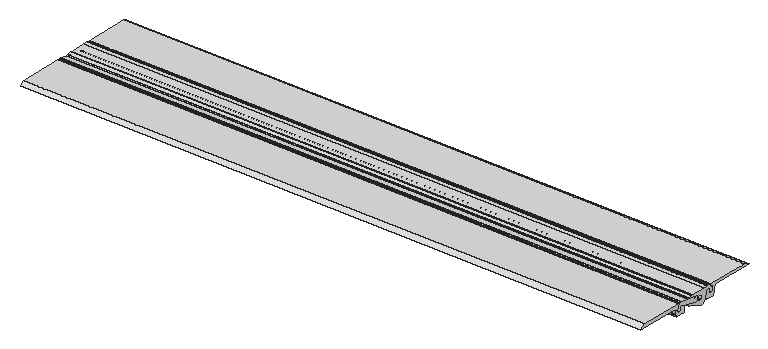
Revit family "Construction-Floors-Conecto-Aluminium Joints ALU AL.78.10", category Specialty Equipment, Revit 2015
Parameters (values of type "Aluminium Joints ALU AL.78.10 N")
  Youtube clip = ""
  Weight Net (Kg) = "0"
  Uniformat II Description = ""
  Uniformat II Code = ""
  Uniclass 2015 Name = "Roofs, floor and paving elements"
  Uniclass 2015 Code = "EF_30"
  Uniclass 2.0 Description = ""
  Uniclass 2.0 Code = ""
  Uniclass 1.4 Description = ""
  Uniclass 1.4 Code = ""
  UNSPSC Code = ""
  Technical description = "http://www.conecto-profiles.com/aluminium-joints/floor-joints/alu"
  Rubber Level = 4.5 mm
  Region South America = "None"
  Region Oceania = "None"
  Region North America = "None"
  Region Middle East = "None"
  Region Europe = "AD, AL, AT, AX, BA, BE, BG, BY, CH, CY, CZ, DE, DK, EE, ES, FI, FO, FR, GB, GG, GI, GR, HR, HU, IE, IM, IS, IT, JE, LI, LT, LU, LV, MC, MD, ME, MK, MT, NL, NO, PL, PT, RO, RS, RU, SE, SI, SJ, SK, SM, UA, VA"
  Region Asia = "None"
  Region Antarctica = "None"
  Region Africa = "None"
  QR code = "http://bimobject.com/conecto/product/78"
  Profile = Aluminium - CONECTO - Grey
  Product url = "http://www.conecto-profiles.com/aluminium-joints/floor-joints/alu"
  Product group = "Aluminum profiles"
  Product family = "Expansion profiles"
  Product data url = "https://bimobject.com/conecto/product/78"
  Product certification = ""
  Product SKU = "78"
  Product Guid = "6eb5d5ce-2108-46b7-89e3-20b879ede5fa"  # constant formula
  OmniClass Description = "Profiles"
  OmniClass Code = "23-13 17 00"
  Nominal width = 78 mm
  Nominal height = 0 mm
  NBS Reference Description = ""
  NBS Reference Code = ""
  N CV = no
  N = yes
  Material secondary = ""
  Material main = "Aluminium"
  Masterformat 2014 Description = ""
  Masterformat 2014 Code = ""
  Manufacturer name = "Conecto"
  Manufacturer country = "Poland"
  Manufacturer = "Conecto"  # constant formula
  Length (mm) [instance] = [built-in parameter 1001306]  # 1000 mm
  built-in parameter 1001306 [instance] = 1000 mm
  Installation instructions = ""
  IFC Classification = "Building Element"
  GTIN code = ""
  Edition number = 1
  Design country = "Poland"
  Date of publishing = "10/18/2019"
  COBIe Type Category = ""
  Brand url = "http://www.profiledylatacyjne.com.pl/"
  BIMobject main category code = "construction"
  BIMobject main category = "Construction"
  BIMobject category code = "construction-floors"
  BIMobject category = "Decks, Slabs & Floors"
  97 CV = no
  97 = no
  .87 CV = no
  .87 = no
  .77 CV = no
  .77 = no
  .62 CV = no
  .62 = no
  .52 CV = no
  .52 = no
  42 CV = no
  42 = no
  .30 CV = no
  .30 = no
  .22 CV = no
  .22 = no
  .15 CV = no
  .15 = no
  #CONST_.20-70 = 70 mm
  Void under Ref level [instance] = 10 mm
Reference planes
  plane 1 "Center (Front/Back)": y = 0
  plane 2: z = 0
  plane 3 "Left": x = 0
  plane 4 "Right": x = 1000
  plane 5: z = -10
  plane 6: z = 4.5
  plane 7: z = 4.501
  plane 8: z = 4.501
Forms (mm)
  Extrusion 1, void
    sketch origin (0, 0, 0) x (0, 1, 0) y (0, 0, 1)
      loop
        line (38.9, 12.014) -> (-38.9, 12.014) -> (-38.9, -10) -> (38.9, -10) -> (38.9, 12.014)
    from 0 to 1000
Lines and regions (mm)
  reference lines
    curve 1: line (0, 0, 0) -> (1000, 0, 0)
Dimensions and locks
  "built-in parameter 1001306": plane 3 "Left" to plane 4 "Right"
  "Void under Ref level": plane 2 to plane 5
  "Rubber Level": plane 2 to plane 6
  aligned and locked: plane 4 "Right" to curve 1
  aligned and locked: plane 1 "Center (Front/Back)" to curve 1
  aligned and locked: plane 3 "Left" to curve 1
  aligned and locked: level to plane 2
  aligned and locked: plane 3 "Left" to nested 2
  aligned and locked: Extrusion 1 sketch curve to plane 5
  aligned and locked: Extrusion 1 to curve 1
Automatic sketch dimensions
  level to Extrusion 1 sketch curve = 12.014 mm
  plane 1 "Center (Front/Back)" to Extrusion 1 sketch curve = 38.9 mm
  Extrusion 1 sketch curve to plane 1 "Center (Front/Back)" = 38.9 mm
Nested families
  nested 1: "Standard" at (0, 0, 74.485), type "Standard"
    with N Base yes, N yes, Length 1000 mm, 97 CV no, .97 Base no
  nested 2: "Rubber" at (0, 6.76, -8.486), type "Rubber"
    with Length 1000 mm
  nested 3: "Standard" at (0, 0, 74.485), type "Standard", not visible
    with N Base yes, N yes, Length 1000 mm, 97 CV no, .97 Base no
  nested 4: "Rubber" at (0, 6.76, -8.486), type "Rubber", not visible
    with Length 1000 mm
Definition of nested family "Standard"
  Parameters (values of type "Standard")
    Space = 45.5 mm
    N CV = no
    N Base = or(N, N CV)  # no
    N = no
    Material = none
    Length = 100 mm
    97 CV = yes
    97 = no
    87 CV = no
    87 = no
    77 CV = no
    77 = no
    62 CV = no
    62 = no
    52 CV = no
    .97 Base = or([97], [97 CV])  # yes
    .87 Base = or([87], [87 CV])  # no
    .77 Base = or([77], [77 CV])  # no
    .62 Base = or([62], [62 CV])  # no
    .52 Base = or([52], [52 CV])  # no
    52 = no
    42 CV = no
    .42 Base = or([42], [42 CV])  # no
    42 = no
    30 CV = no
    .15 Base = or([15], [15 CV])  # no
    .14 Base = or([30], [30 CV])  # no
    30 = no
    22 CV = no
    .22 Base = or([22], [22 CV])  # no
    22 = no
    15 CV = no
    .30 Base = or([30], [30 CV])  # no
    15 = no
  Reference planes
    plane 1 "Center (Front/Back)": y = 0
    plane 2: z = -84.674
    plane 3 "Center (Left/Right)": x = 0
    plane 4: x = 100
    plane 5: y = -22.75
    plane 6: y = 22.75
    plane 7: z = 14.705
  Forms (mm)
    Extrusion 1, solid, material <- "Material", visible <- "97 CV"
      sketch origin (0, 265.991, -904.766) x (0, 1, 0) y (0, 0, 1)
        loop
          line (-225.423, 873.746) -> (-228.54, 873.746) -> (-228.54, 835.127) -> (-229.46, 834.792) -> (-233.327, 834.792) -> (-234.141, 834.496) -> (-234.218, 833.393) -> (-232.445, 831.491) -> (-231.917, 832.217) -> (-231.252, 832.736) -> (-230.32, 832.622) -> (-229.617, 831.722) -> (-229.267, 830.705) -> (-229.608, 829.814) -> (-230.416, 829.438) -> (-231.376, 829.573) -> (-231.376, 828.777) -> (-231.077, 827.908) -> (-231.02, 826.828) -> (-231.071, 825.864) -> (-231.211, 824.98) -> (-231.45, 824.148) -> (-231.909, 823.064) -> (-232.525, 822.529) -> (-235.752, 822.529) -> (-236.523, 823.216) -> (-236.303, 824.037) -> (-235.817, 824.758) -> (-235.465, 825.586) -> (-235.277, 826.401) -> (-235.33, 827.414) -> (-235.668, 828.454) -> (-236.125, 829.245) -> (-236.696, 829.816) -> (-237.35, 830.274) -> (-238.082, 830.57) -> (-238.923, 830.749) -> (-239.767, 830.749) -> (-240.548, 830.554) -> (-241.256, 830.209) -> (-241.921, 829.744) -> (-242.461, 829.144) -> (-242.926, 828.339) -> (-243.163, 827.513) -> (-243.223, 826.646) -> (-243.096, 825.742) -> (-242.758, 824.946) -> (-242.255, 824.227) -> (-237.466, 818.405) -> (-225.423, 818.405) -> (-225.423, 873.746)
      from 0 to 100
    Extrusion 2, solid, material <- "Material", visible <- "87 CV"
      sketch origin (0, 265.988, -904.764) x (0, 1, 0) y (0, 0, 1)
        loop
          line (-225.423, 873.746) -> (-228.54, 873.746) -> (-228.54, 835.127) -> (-229.46, 834.792) -> (-233.327, 834.792) -> (-234.141, 834.496) -> (-234.218, 833.393) -> (-232.445, 831.491) -> (-231.917, 832.217) -> (-231.252, 832.736) -> (-230.32, 832.622) -> (-229.617, 831.722) -> (-229.267, 830.705) -> (-229.608, 829.814) -> (-230.416, 829.438) -> (-231.376, 829.573) -> (-231.376, 828.777) -> (-231.077, 827.908) -> (-231.02, 826.828) -> (-231.071, 825.864) -> (-231.211, 824.98) -> (-231.45, 824.148) -> (-231.909, 823.064) -> (-232.525, 822.529) -> (-235.752, 822.529) -> (-236.523, 823.216) -> (-236.303, 824.037) -> (-235.817, 824.758) -> (-235.465, 825.586) -> (-235.277, 826.401) -> (-235.33, 827.414) -> (-235.668, 828.454) -> (-236.125, 829.245) -> (-236.696, 829.816) -> (-237.35, 830.274) -> (-238.082, 830.57) -> (-238.923, 830.749) -> (-239.767, 830.749) -> (-240.548, 830.554) -> (-241.256, 830.209) -> (-241.921, 829.744) -> (-242.461, 829.144) -> (-242.926, 828.339) -> (-243.163, 827.513) -> (-243.223, 826.646) -> (-243.096, 825.742) -> (-242.758, 824.946) -> (-242.255, 824.227) -> (-237.466, 818.405) -> (-225.423, 818.405) -> (-225.423, 873.746)
      from 0 to 100
    Extrusion 3, solid, material <- "Material", visible <- "77 CV"
      sketch origin (0, 265.99, -904.764) x (0, 1, 0) y (0, 0, 1)
        loop
          line (-225.423, 873.746) -> (-228.54, 873.746) -> (-228.54, 835.127) -> (-229.46, 834.792) -> (-233.327, 834.792) -> (-234.141, 834.496) -> (-234.218, 833.393) -> (-232.445, 831.491) -> (-231.917, 832.217) -> (-231.252, 832.736) -> (-230.32, 832.622) -> (-229.617, 831.722) -> (-229.267, 830.705) -> (-229.608, 829.814) -> (-230.416, 829.438) -> (-231.376, 829.573) -> (-231.376, 828.777) -> (-231.077, 827.908) -> (-231.02, 826.828) -> (-231.071, 825.864) -> (-231.211, 824.98) -> (-231.45, 824.148) -> (-231.909, 823.064) -> (-232.525, 822.529) -> (-235.752, 822.529) -> (-236.523, 823.216) -> (-236.303, 824.037) -> (-235.817, 824.758) -> (-235.465, 825.586) -> (-235.277, 826.401) -> (-235.33, 827.414) -> (-235.668, 828.454) -> (-236.125, 829.245) -> (-236.696, 829.816) -> (-237.35, 830.274) -> (-238.082, 830.57) -> (-238.923, 830.749) -> (-239.767, 830.749) -> (-240.548, 830.554) -> (-241.256, 830.209) -> (-241.921, 829.744) -> (-242.461, 829.144) -> (-242.926, 828.339) -> (-243.163, 827.513) -> (-243.223, 826.646) -> (-243.096, 825.742) -> (-242.758, 824.946) -> (-242.255, 824.227) -> (-237.466, 818.405) -> (-225.423, 818.405) -> (-225.423, 873.746)
      from 0 to 100
    Extrusion 4, solid, material <- "Material", visible <- "62 CV"
      sketch origin (0, 265.99, -989.381) x (0, 1, 0) y (0, 0, 1)
        loop
          line (-225.423, 958.42) -> (-228.54, 958.42) -> (-228.54, 919.801) -> (-229.46, 919.466) -> (-233.327, 919.466) -> (-234.141, 919.17) -> (-234.218, 918.067) -> (-232.445, 916.165) -> (-231.917, 916.891) -> (-231.252, 917.41) -> (-230.32, 917.296) -> (-229.617, 916.395) -> (-229.267, 915.379) -> (-229.608, 914.488) -> (-230.416, 914.112) -> (-231.376, 914.247) -> (-231.376, 913.451) -> (-231.077, 912.582) -> (-231.02, 911.502) -> (-231.071, 910.538) -> (-231.211, 909.654) -> (-231.45, 908.822) -> (-231.909, 907.738) -> (-232.525, 907.203) -> (-235.752, 907.203) -> (-236.523, 907.89) -> (-236.303, 908.711) -> (-235.817, 909.431) -> (-235.465, 910.26) -> (-235.277, 911.075) -> (-235.33, 912.088) -> (-235.668, 913.128) -> (-236.125, 913.919) -> (-236.696, 914.49) -> (-237.35, 914.948) -> (-238.082, 915.244) -> (-238.923, 915.423) -> (-239.767, 915.423) -> (-240.548, 915.228) -> (-241.256, 914.883) -> (-241.921, 914.417) -> (-242.461, 913.818) -> (-242.926, 913.012) -> (-243.163, 912.187) -> (-243.223, 911.32) -> (-243.096, 910.416) -> (-242.758, 909.619) -> (-242.255, 908.901) -> (-237.466, 903.079) -> (-225.423, 903.079) -> (-225.423, 958.42)
      from 0 to 100
    Extrusion 5, solid, material <- "Material", visible <- "52 CV"
      sketch origin (0, 265.991, -904.766) x (0, 1, 0) y (0, 0, 1)
        loop
          line (-225.423, 873.746) -> (-228.54, 873.746) -> (-228.54, 835.127) -> (-229.46, 834.792) -> (-233.327, 834.792) -> (-234.141, 834.496) -> (-234.218, 833.393) -> (-232.445, 831.491) -> (-231.917, 832.217) -> (-231.252, 832.736) -> (-230.32, 832.622) -> (-229.617, 831.722) -> (-229.267, 830.705) -> (-229.608, 829.814) -> (-230.416, 829.438) -> (-231.376, 829.573) -> (-231.376, 828.777) -> (-231.077, 827.908) -> (-231.02, 826.828) -> (-231.071, 825.864) -> (-231.211, 824.98) -> (-231.45, 824.148) -> (-231.909, 823.064) -> (-232.525, 822.529) -> (-235.752, 822.529) -> (-236.523, 823.216) -> (-236.303, 824.037) -> (-235.817, 824.758) -> (-235.465, 825.586) -> (-235.277, 826.401) -> (-235.33, 827.414) -> (-235.668, 828.454) -> (-236.125, 829.245) -> (-236.696, 829.816) -> (-237.35, 830.274) -> (-238.082, 830.57) -> (-238.923, 830.749) -> (-239.767, 830.749) -> (-240.548, 830.554) -> (-241.256, 830.209) -> (-241.921, 829.744) -> (-242.461, 829.144) -> (-242.926, 828.339) -> (-243.163, 827.513) -> (-243.223, 826.646) -> (-243.096, 825.742) -> (-242.758, 824.946) -> (-242.255, 824.227) -> (-237.466, 818.405) -> (-225.423, 818.405) -> (-225.423, 873.746)
      from 0 to 100
    Extrusion 6, solid, material <- "Material", visible <- "42 CV"
      sketch origin (0, 265.988, -904.764) x (0, 1, 0) y (0, 0, 1)
        loop
          line (-225.423, 873.746) -> (-228.54, 873.746) -> (-228.54, 835.127) -> (-229.46, 834.792) -> (-233.327, 834.792) -> (-234.141, 834.496) -> (-234.218, 833.393) -> (-232.445, 831.491) -> (-231.917, 832.217) -> (-231.252, 832.736) -> (-230.32, 832.622) -> (-229.617, 831.722) -> (-229.267, 830.705) -> (-229.608, 829.814) -> (-230.416, 829.438) -> (-231.376, 829.573) -> (-231.376, 828.777) -> (-231.077, 827.908) -> (-231.02, 826.828) -> (-231.071, 825.864) -> (-231.211, 824.98) -> (-231.45, 824.148) -> (-231.909, 823.064) -> (-232.525, 822.529) -> (-235.752, 822.529) -> (-236.523, 823.216) -> (-236.303, 824.037) -> (-235.817, 824.758) -> (-235.465, 825.586) -> (-235.277, 826.401) -> (-235.33, 827.414) -> (-235.668, 828.454) -> (-236.125, 829.245) -> (-236.696, 829.816) -> (-237.35, 830.274) -> (-238.082, 830.57) -> (-238.923, 830.749) -> (-239.767, 830.749) -> (-240.548, 830.554) -> (-241.256, 830.209) -> (-241.921, 829.744) -> (-242.461, 829.144) -> (-242.926, 828.339) -> (-243.163, 827.513) -> (-243.223, 826.646) -> (-243.096, 825.742) -> (-242.758, 824.946) -> (-242.255, 824.227) -> (-237.466, 818.405) -> (-225.423, 818.405) -> (-225.423, 873.746)
      from 0 to 100
    Extrusion 7, solid, material <- "Material", visible <- "30 CV"
      sketch origin (0, 265.99, -904.764) x (0, 1, 0) y (0, 0, 1)
        loop
          line (-225.423, 873.746) -> (-228.54, 873.746) -> (-228.54, 835.127) -> (-229.46, 834.792) -> (-233.327, 834.792) -> (-234.141, 834.496) -> (-234.218, 833.393) -> (-232.445, 831.491) -> (-231.917, 832.217) -> (-231.252, 832.736) -> (-230.32, 832.622) -> (-229.617, 831.722) -> (-229.267, 830.705) -> (-229.608, 829.814) -> (-230.416, 829.438) -> (-231.376, 829.573) -> (-231.376, 828.777) -> (-231.077, 827.908) -> (-231.02, 826.828) -> (-231.071, 825.864) -> (-231.211, 824.98) -> (-231.45, 824.148) -> (-231.909, 823.064) -> (-232.525, 822.529) -> (-235.752, 822.529) -> (-236.523, 823.216) -> (-236.303, 824.037) -> (-235.817, 824.758) -> (-235.465, 825.586) -> (-235.277, 826.401) -> (-235.33, 827.414) -> (-235.668, 828.454) -> (-236.125, 829.245) -> (-236.696, 829.816) -> (-237.35, 830.274) -> (-238.082, 830.57) -> (-238.923, 830.749) -> (-239.767, 830.749) -> (-240.548, 830.554) -> (-241.256, 830.209) -> (-241.921, 829.744) -> (-242.461, 829.144) -> (-242.926, 828.339) -> (-243.163, 827.513) -> (-243.223, 826.646) -> (-243.096, 825.742) -> (-242.758, 824.946) -> (-242.255, 824.227) -> (-237.466, 818.405) -> (-225.423, 818.405) -> (-225.423, 873.746)
      from 0 to 100
    Extrusion 8, solid, material <- "Material", visible <- "22 CV"
      sketch origin (0, 265.99, -989.381) x (0, 1, 0) y (0, 0, 1)
        loop
          line (-225.423, 958.42) -> (-228.54, 958.42) -> (-228.54, 919.801) -> (-229.46, 919.466) -> (-233.327, 919.466) -> (-234.141, 919.17) -> (-234.218, 918.067) -> (-232.445, 916.165) -> (-231.917, 916.891) -> (-231.252, 917.41) -> (-230.32, 917.296) -> (-229.617, 916.395) -> (-229.267, 915.379) -> (-229.608, 914.488) -> (-230.416, 914.112) -> (-231.376, 914.247) -> (-231.376, 913.451) -> (-231.077, 912.582) -> (-231.02, 911.502) -> (-231.071, 910.538) -> (-231.211, 909.654) -> (-231.45, 908.822) -> (-231.909, 907.738) -> (-232.525, 907.203) -> (-235.752, 907.203) -> (-236.523, 907.89) -> (-236.303, 908.711) -> (-235.817, 909.431) -> (-235.465, 910.26) -> (-235.277, 911.075) -> (-235.33, 912.088) -> (-235.668, 913.128) -> (-236.125, 913.919) -> (-236.696, 914.49) -> (-237.35, 914.948) -> (-238.082, 915.244) -> (-238.923, 915.423) -> (-239.767, 915.423) -> (-240.548, 915.228) -> (-241.256, 914.883) -> (-241.921, 914.417) -> (-242.461, 913.818) -> (-242.926, 913.012) -> (-243.163, 912.187) -> (-243.223, 911.32) -> (-243.096, 910.416) -> (-242.758, 909.619) -> (-242.255, 908.901) -> (-237.466, 903.079) -> (-225.423, 903.079) -> (-225.423, 958.42)
      from 0 to 100
    Extrusion 9, solid, material <- "Material", visible <- "15 CV"
      sketch origin (0, 265.976, -904.758) x (0, 1, 0) y (0, 0, 1)
        loop
          line (-225.423, 873.746) -> (-228.54, 873.746) -> (-228.54, 835.127) -> (-229.46, 834.792) -> (-233.327, 834.792) -> (-234.141, 834.496) -> (-234.218, 833.393) -> (-232.445, 831.491) -> (-231.917, 832.217) -> (-231.252, 832.736) -> (-230.32, 832.622) -> (-229.617, 831.722) -> (-229.267, 830.705) -> (-229.608, 829.814) -> (-230.416, 829.438) -> (-231.376, 829.573) -> (-231.376, 828.777) -> (-231.077, 827.908) -> (-231.02, 826.828) -> (-231.071, 825.864) -> (-231.211, 824.98) -> (-231.45, 824.148) -> (-231.909, 823.064) -> (-232.525, 822.529) -> (-235.752, 822.529) -> (-236.523, 823.216) -> (-236.303, 824.037) -> (-235.817, 824.758) -> (-235.465, 825.586) -> (-235.277, 826.401) -> (-235.33, 827.414) -> (-235.668, 828.454) -> (-236.125, 829.245) -> (-236.696, 829.816) -> (-237.35, 830.274) -> (-238.082, 830.57) -> (-238.923, 830.749) -> (-239.767, 830.749) -> (-240.548, 830.554) -> (-241.256, 830.209) -> (-241.921, 829.744) -> (-242.461, 829.144) -> (-242.926, 828.339) -> (-243.163, 827.513) -> (-243.223, 826.646) -> (-243.096, 825.742) -> (-242.758, 824.946) -> (-242.255, 824.227) -> (-237.466, 818.405) -> (-225.423, 818.405) -> (-225.423, 873.746)
      from 0 to 100
    Extrusion 10, solid, material <- "Material", visible <- "N CV"
      sketch origin (0, 265.973, -904.756) x (0, 1, 0) y (0, 0, 1)
        loop
          line (-225.423, 873.746) -> (-228.54, 873.746) -> (-228.54, 835.127) -> (-229.46, 834.792) -> (-233.327, 834.792) -> (-234.141, 834.496) -> (-234.218, 833.393) -> (-232.445, 831.491) -> (-231.917, 832.217) -> (-231.252, 832.736) -> (-230.32, 832.622) -> (-229.617, 831.722) -> (-229.267, 830.705) -> (-229.608, 829.814) -> (-230.416, 829.438) -> (-231.376, 829.573) -> (-231.376, 828.777) -> (-231.077, 827.908) -> (-231.02, 826.828) -> (-231.071, 825.864) -> (-231.211, 824.98) -> (-231.45, 824.148) -> (-231.909, 823.064) -> (-232.525, 822.529) -> (-235.752, 822.529) -> (-236.523, 823.216) -> (-236.303, 824.037) -> (-235.817, 824.758) -> (-235.465, 825.586) -> (-235.277, 826.401) -> (-235.33, 827.414) -> (-235.668, 828.454) -> (-236.125, 829.245) -> (-236.696, 829.816) -> (-237.35, 830.274) -> (-238.082, 830.57) -> (-238.923, 830.749) -> (-239.767, 830.749) -> (-240.548, 830.554) -> (-241.256, 830.209) -> (-241.921, 829.744) -> (-242.461, 829.144) -> (-242.926, 828.339) -> (-243.163, 827.513) -> (-243.223, 826.646) -> (-243.096, 825.742) -> (-242.758, 824.946) -> (-242.255, 824.227) -> (-237.466, 818.405) -> (-225.423, 818.405) -> (-225.423, 873.746)
      from 0 to 100
    Extrusion 11, solid, material <- "Material", visible <- ".97 Base"
      sketch origin (0, 265.433, 968.395) x (0, 1, 0) y (0, 0, 1)
        loop
          line (-304.599, -1038.38) -> (-304.599, -1047.322) -> (-303.655, -1051.761) -> (-304.566, -1052.847) -> (-304.566, -1055.109) -> (-298.073, -1055.109) -> (-297.246, -1054.612) -> (-296.459, -1054.386) -> (-295.57, -1054.386) -> (-294.693, -1054.688) -> (-294.064, -1055.162) -> (-293.541, -1055.764) -> (-293.194, -1056.543) -> (-293.109, -1057.347) -> (-293.18, -1058.158) -> (-293.665, -1059.151) -> (-294.386, -1059.824) -> (-295.1, -1060.204) -> (-295.875, -1060.354) -> (-296.663, -1060.285) -> (-297.438, -1060.033) -> (-298.045, -1059.542) -> (-298.953, -1059.606) -> (-304.608, -1059.606) -> (-304.608, -1062.159) -> (-302.308, -1062.564) -> (-294.608, -1063.974) -> (-294.335, -1064.768) -> (-294.335, -1128.086) -> (-294.753, -1129.646) -> (-295.523, -1130.564) -> (-297.227, -1131.151) -> (-299.381, -1130.848) -> (-361.657, -1130.848) -> (-363.735, -1132.048) -> (-364.42, -1132.732) -> (-364.286, -1134.643) -> (-363.461, -1135.222) -> (-362.036, -1135.396) -> (-290.208, -1135.396) -> (-290.208, -1061.81) -> (-289.073, -1058.514) -> (-289.073, -1055.983) -> (-290.208, -1052.687) -> (-290.208, -1047.26) -> (-289.552, -1046.389) -> (-288.292, -1046.389) -> (-288.292, -1045.229) -> (-289.073, -1043.929) -> (-289.919, -1043.219) -> (-290.729, -1042.714) -> (-291.561, -1042.506) -> (-292.492, -1042.408) -> (-293.403, -1042.552) -> (-294.325, -1042.925) -> (-295.101, -1043.624) -> (-295.758, -1044.353) -> (-296.136, -1045.164) -> (-296.291, -1045.963) -> (-296.291, -1047.063) -> (-296.033, -1047.858) -> (-295.545, -1048.776) -> (-295.06, -1049.688) -> (-295.358, -1050.426) -> (-296.1, -1050.741) -> (-298.745, -1050.741) -> (-299.464, -1050.358) -> (-299.955, -1049.435) -> (-300.304, -1048.361) -> (-300.549, -1046.361) -> (-300.453, -1045.256) -> (-300.144, -1043.667) -> (-300.975, -1043.667) -> (-301.761, -1043.486) -> (-302.259, -1042.847) -> (-302.232, -1042.061) -> (-301.395, -1040.668) -> (-300.621, -1040.431) -> (-299.843, -1040.699) -> (-299.146, -1041.772) -> (-298.551, -1041.037) -> (-297.666, -1040.152) -> (-297.206, -1039.387) -> (-297.811, -1038.38) -> (-304.599, -1038.38)
      from 0 to 100
    Extrusion 12, solid, material <- "Material", visible <- ".87 Base"
      sketch origin (0, 265.433, 968.395) x (0, 1, 0) y (0, 0, 1)
        loop
          line (-304.599, -1038.38) -> (-304.599, -1047.322) -> (-303.655, -1051.761) -> (-304.566, -1052.847) -> (-304.566, -1055.109) -> (-298.073, -1055.109) -> (-297.246, -1054.612) -> (-296.459, -1054.386) -> (-295.57, -1054.386) -> (-294.693, -1054.688) -> (-294.064, -1055.162) -> (-293.541, -1055.764) -> (-293.194, -1056.543) -> (-293.109, -1057.347) -> (-293.18, -1058.158) -> (-293.665, -1059.151) -> (-294.386, -1059.824) -> (-295.1, -1060.204) -> (-295.875, -1060.354) -> (-296.663, -1060.285) -> (-297.438, -1060.033) -> (-298.045, -1059.542) -> (-298.953, -1059.606) -> (-304.608, -1059.606) -> (-304.608, -1062.159) -> (-302.308, -1062.564) -> (-294.608, -1063.974) -> (-294.335, -1064.768) -> (-294.335, -1117.856) -> (-294.773, -1119.493) -> (-296.888, -1120.714) -> (-361.665, -1120.714) -> (-363.735, -1121.909) -> (-364.42, -1122.594) -> (-364.286, -1124.505) -> (-363.461, -1125.083) -> (-362.036, -1125.258) -> (-290.208, -1125.258) -> (-290.208, -1061.81) -> (-289.073, -1058.514) -> (-289.073, -1055.983) -> (-290.208, -1052.687) -> (-290.208, -1047.26) -> (-289.552, -1046.389) -> (-288.292, -1046.389) -> (-288.292, -1045.229) -> (-289.073, -1043.929) -> (-289.919, -1043.219) -> (-290.729, -1042.714) -> (-291.561, -1042.506) -> (-292.492, -1042.408) -> (-293.403, -1042.552) -> (-294.325, -1042.925) -> (-295.101, -1043.624) -> (-295.758, -1044.353) -> (-296.136, -1045.164) -> (-296.291, -1045.963) -> (-296.291, -1047.063) -> (-296.033, -1047.858) -> (-295.545, -1048.776) -> (-295.06, -1049.688) -> (-295.358, -1050.426) -> (-296.1, -1050.741) -> (-298.745, -1050.741) -> (-299.464, -1050.358) -> (-299.955, -1049.435) -> (-300.304, -1048.361) -> (-300.549, -1046.361) -> (-300.453, -1045.256) -> (-300.144, -1043.667) -> (-300.975, -1043.667) -> (-301.761, -1043.486) -> (-302.259, -1042.847) -> (-302.232, -1042.061) -> (-301.395, -1040.668) -> (-300.621, -1040.431) -> (-299.843, -1040.699) -> (-299.146, -1041.772) -> (-298.551, -1041.037) -> (-297.666, -1040.152) -> (-297.206, -1039.387) -> (-297.811, -1038.38) -> (-304.599, -1038.38)
      from 0 to 100
    Extrusion 13, solid, material <- "Material", visible <- ".77 Base"
      sketch origin (0, 265.433, 968.395) x (0, 1, 0) y (0, 0, 1)
        loop
          line (-304.599, -1038.38) -> (-304.599, -1047.322) -> (-303.655, -1051.761) -> (-304.566, -1052.847) -> (-304.566, -1055.109) -> (-298.073, -1055.109) -> (-297.246, -1054.612) -> (-296.459, -1054.386) -> (-295.57, -1054.386) -> (-294.693, -1054.688) -> (-294.064, -1055.162) -> (-293.541, -1055.764) -> (-293.194, -1056.543) -> (-293.109, -1057.347) -> (-293.18, -1058.158) -> (-293.665, -1059.151) -> (-294.386, -1059.824) -> (-295.1, -1060.204) -> (-295.875, -1060.354) -> (-296.663, -1060.285) -> (-297.438, -1060.033) -> (-298.045, -1059.542) -> (-298.953, -1059.606) -> (-304.608, -1059.606) -> (-304.608, -1062.159) -> (-302.308, -1062.564) -> (-294.608, -1063.974) -> (-294.335, -1064.768) -> (-294.335, -1109.136) -> (-295.266, -1110.285) -> (-296.591, -1110.99) -> (-299.398, -1110.793) -> (-361.632, -1110.793) -> (-363.835, -1112.065) -> (-364.519, -1112.75) -> (-364.386, -1114.661) -> (-363.56, -1115.239) -> (-362.135, -1115.414) -> (-290.208, -1115.414) -> (-290.208, -1061.81) -> (-289.073, -1058.514) -> (-289.073, -1055.983) -> (-290.208, -1052.687) -> (-290.208, -1047.26) -> (-289.552, -1046.389) -> (-288.292, -1046.389) -> (-288.292, -1045.229) -> (-289.073, -1043.929) -> (-289.919, -1043.219) -> (-290.729, -1042.714) -> (-291.561, -1042.506) -> (-292.492, -1042.408) -> (-293.403, -1042.552) -> (-294.325, -1042.925) -> (-295.101, -1043.624) -> (-295.758, -1044.353) -> (-296.136, -1045.164) -> (-296.291, -1045.963) -> (-296.291, -1047.063) -> (-296.033, -1047.858) -> (-295.545, -1048.776) -> (-295.06, -1049.688) -> (-295.358, -1050.426) -> (-296.1, -1050.741) -> (-298.745, -1050.741) -> (-299.464, -1050.358) -> (-299.955, -1049.435) -> (-300.304, -1048.361) -> (-300.549, -1046.361) -> (-300.453, -1045.256) -> (-300.144, -1043.667) -> (-300.975, -1043.667) -> (-301.761, -1043.486) -> (-302.259, -1042.847) -> (-302.232, -1042.061) -> (-301.395, -1040.668) -> (-300.621, -1040.431) -> (-299.843, -1040.699) -> (-299.146, -1041.772) -> (-298.551, -1041.037) -> (-297.666, -1040.152) -> (-297.206, -1039.387) -> (-297.811, -1038.38) -> (-304.599, -1038.38)
      from 0 to 100
    Extrusion 14, solid, material <- "Material", visible <- ".62 Base"
      sketch origin (0, 265.434, 968.395) x (0, 1, 0) y (0, 0, 1)
        loop
          line (-304.599, -1038.38) -> (-304.599, -1047.322) -> (-303.655, -1051.761) -> (-304.566, -1052.847) -> (-304.566, -1055.109) -> (-298.073, -1055.109) -> (-297.246, -1054.612) -> (-296.459, -1054.386) -> (-295.57, -1054.386) -> (-294.693, -1054.688) -> (-294.064, -1055.162) -> (-293.541, -1055.764) -> (-293.194, -1056.543) -> (-293.109, -1057.347) -> (-293.18, -1058.158) -> (-293.665, -1059.151) -> (-294.386, -1059.824) -> (-295.1, -1060.204) -> (-295.875, -1060.354) -> (-296.663, -1060.285) -> (-297.438, -1060.033) -> (-298.045, -1059.542) -> (-298.953, -1059.606) -> (-304.608, -1059.606) -> (-304.608, -1062.159) -> (-302.308, -1062.564) -> (-294.608, -1063.974) -> (-294.335, -1064.768) -> (-294.335, -1093.653) -> (-294.731, -1094.742) -> (-295.466, -1095.619) -> (-296.818, -1096.11) -> (-297.606, -1096.179) -> (-299.295, -1095.912) -> (-361.697, -1095.912) -> (-363.76, -1097.103) -> (-364.444, -1097.787) -> (-364.311, -1099.698) -> (-363.485, -1100.277) -> (-362.06, -1100.452) -> (-290.208, -1100.452) -> (-290.208, -1061.81) -> (-289.073, -1058.514) -> (-289.073, -1055.983) -> (-290.208, -1052.687) -> (-290.208, -1047.26) -> (-289.552, -1046.389) -> (-288.292, -1046.389) -> (-288.292, -1045.229) -> (-289.073, -1043.929) -> (-289.919, -1043.219) -> (-290.729, -1042.714) -> (-291.561, -1042.506) -> (-292.492, -1042.408) -> (-293.403, -1042.552) -> (-294.325, -1042.925) -> (-295.101, -1043.624) -> (-295.758, -1044.353) -> (-296.136, -1045.164) -> (-296.291, -1045.963) -> (-296.291, -1047.063) -> (-296.033, -1047.858) -> (-295.545, -1048.776) -> (-295.06, -1049.688) -> (-295.358, -1050.426) -> (-296.1, -1050.741) -> (-298.745, -1050.741) -> (-299.464, -1050.358) -> (-299.955, -1049.435) -> (-300.304, -1048.361) -> (-300.549, -1046.361) -> (-300.453, -1045.256) -> (-300.144, -1043.667) -> (-300.975, -1043.667) -> (-301.761, -1043.486) -> (-302.259, -1042.847) -> (-302.232, -1042.061) -> (-301.395, -1040.668) -> (-300.621, -1040.431) -> (-299.843, -1040.699) -> (-299.146, -1041.772) -> (-298.551, -1041.037) -> (-297.666, -1040.152) -> (-297.206, -1039.387) -> (-297.811, -1038.38) -> (-304.599, -1038.38)
      from 0 to 100
    Extrusion 15, solid, material <- "Material", visible <- ".52 Base"
      sketch origin (0, 265.433, 968.395) x (0, 1, 0) y (0, 0, 1)
        loop
          line (-304.599, -1038.38) -> (-304.599, -1047.322) -> (-303.655, -1051.761) -> (-304.566, -1052.847) -> (-304.566, -1055.109) -> (-298.073, -1055.109) -> (-297.246, -1054.612) -> (-296.459, -1054.386) -> (-295.57, -1054.386) -> (-294.693, -1054.688) -> (-294.064, -1055.162) -> (-293.541, -1055.764) -> (-293.194, -1056.543) -> (-293.109, -1057.347) -> (-293.18, -1058.158) -> (-293.665, -1059.151) -> (-294.386, -1059.824) -> (-295.1, -1060.204) -> (-295.875, -1060.354) -> (-296.663, -1060.285) -> (-297.438, -1060.033) -> (-298.045, -1059.542) -> (-298.953, -1059.606) -> (-304.608, -1059.606) -> (-304.608, -1062.159) -> (-302.308, -1062.564) -> (-294.608, -1063.974) -> (-294.335, -1064.768) -> (-294.335, -1083.114) -> (-295.102, -1085.013) -> (-296.153, -1085.895) -> (-298.449, -1086.136) -> (-299.402, -1085.881) -> (-361.706, -1085.881) -> (-363.76, -1087.067) -> (-364.444, -1087.751) -> (-364.311, -1089.662) -> (-363.485, -1090.24) -> (-362.06, -1090.415) -> (-290.208, -1090.415) -> (-290.208, -1061.81) -> (-289.073, -1058.514) -> (-289.073, -1055.983) -> (-290.208, -1052.687) -> (-290.208, -1047.26) -> (-289.552, -1046.389) -> (-288.292, -1046.389) -> (-288.292, -1045.229) -> (-289.073, -1043.929) -> (-289.919, -1043.219) -> (-290.729, -1042.714) -> (-291.561, -1042.506) -> (-292.492, -1042.408) -> (-293.403, -1042.552) -> (-294.325, -1042.925) -> (-295.101, -1043.624) -> (-295.758, -1044.353) -> (-296.136, -1045.164) -> (-296.291, -1045.963) -> (-296.291, -1047.063) -> (-296.033, -1047.858) -> (-295.545, -1048.776) -> (-295.06, -1049.688) -> (-295.358, -1050.426) -> (-296.1, -1050.741) -> (-298.745, -1050.741) -> (-299.464, -1050.358) -> (-299.955, -1049.435) -> (-300.304, -1048.361) -> (-300.549, -1046.361) -> (-300.453, -1045.256) -> (-300.144, -1043.667) -> (-300.975, -1043.667) -> (-301.761, -1043.486) -> (-302.259, -1042.847) -> (-302.232, -1042.061) -> (-301.395, -1040.668) -> (-300.621, -1040.431) -> (-299.843, -1040.699) -> (-299.146, -1041.772) -> (-298.551, -1041.037) -> (-297.666, -1040.152) -> (-297.206, -1039.387) -> (-297.811, -1038.38) -> (-304.599, -1038.38)
      from 0 to 100
    Extrusion 16, solid, material <- "Material", visible <- ".42 Base"
      sketch origin (0, 265.415, 968.416) x (0, 1, 0) y (0, 0, 1)
        loop
          line (-304.599, -1038.38) -> (-304.599, -1047.322) -> (-303.655, -1051.761) -> (-304.566, -1052.847) -> (-304.566, -1055.109) -> (-298.073, -1055.109) -> (-297.246, -1054.612) -> (-296.459, -1054.386) -> (-295.57, -1054.386) -> (-294.693, -1054.688) -> (-294.064, -1055.162) -> (-293.541, -1055.764) -> (-293.194, -1056.543) -> (-293.109, -1057.347) -> (-293.18, -1058.158) -> (-293.665, -1059.151) -> (-294.386, -1059.824) -> (-295.1, -1060.204) -> (-295.875, -1060.354) -> (-296.663, -1060.285) -> (-297.438, -1060.033) -> (-298.045, -1059.542) -> (-298.953, -1059.606) -> (-304.608, -1059.606) -> (-304.608, -1062.159) -> (-302.308, -1062.564) -> (-294.608, -1063.974) -> (-294.335, -1064.768) -> (-294.335, -1073.423) -> (-294.711, -1074.456) -> (-295.6, -1075.515) -> (-296.617, -1075.885) -> (-297.949, -1076.002) -> (-299.343, -1075.756) -> (-361.713, -1075.756) -> (-363.76, -1076.938) -> (-364.444, -1077.622) -> (-364.311, -1079.533) -> (-363.485, -1080.111) -> (-362.06, -1080.286) -> (-290.208, -1080.286) -> (-290.208, -1061.81) -> (-289.073, -1058.514) -> (-289.073, -1055.983) -> (-290.208, -1052.687) -> (-290.208, -1047.26) -> (-289.552, -1046.389) -> (-288.292, -1046.389) -> (-288.292, -1045.229) -> (-289.073, -1043.929) -> (-289.919, -1043.219) -> (-290.729, -1042.714) -> (-291.561, -1042.506) -> (-292.492, -1042.408) -> (-293.403, -1042.552) -> (-294.325, -1042.925) -> (-295.101, -1043.624) -> (-295.758, -1044.353) -> (-296.136, -1045.164) -> (-296.291, -1045.963) -> (-296.291, -1047.063) -> (-296.033, -1047.858) -> (-295.545, -1048.776) -> (-295.06, -1049.688) -> (-295.358, -1050.426) -> (-296.1, -1050.741) -> (-298.745, -1050.741) -> (-299.464, -1050.358) -> (-299.955, -1049.435) -> (-300.304, -1048.361) -> (-300.549, -1046.361) -> (-300.453, -1045.256) -> (-300.144, -1043.667) -> (-300.975, -1043.667) -> (-301.761, -1043.486) -> (-302.259, -1042.847) -> (-302.232, -1042.061) -> (-301.395, -1040.668) -> (-300.621, -1040.431) -> (-299.843, -1040.699) -> (-299.146, -1041.772) -> (-298.551, -1041.037) -> (-297.666, -1040.152) -> (-297.206, -1039.387) -> (-297.811, -1038.38) -> (-304.599, -1038.38)
      from 0 to 100
    Extrusion 17, solid, material <- "Material", visible <- "N Base"
      sketch origin (0, 265.489, -904.847) x (0, 1, 0) y (0, 0, 1)
        loop
          line (-297.431, 834.863) -> (-365.399, 834.863) -> (-373.194, 830.362) -> (-310.667, 830.362) -> (-308.644, 830.362) -> (-307.531, 830.323) -> (-306.469, 829.936) -> (-305.694, 829.394) -> (-304.965, 828.391) -> (-304.659, 827.161) -> (-304.36, 823.75) -> (-303.529, 821.583) -> (-301.586, 817.416) -> (-300.788, 817.061) -> (-288.911, 817.061) -> (-288.25, 817.82) -> (-288.25, 826.756) -> (-288.567, 828.385) -> (-289.247, 829.356) -> (-290.224, 830.205) -> (-291.242, 830.68) -> (-292.244, 830.785) -> (-293.406, 830.683) -> (-294.251, 830.289) -> (-295.26, 829.501) -> (-295.776, 828.764) -> (-296.066, 827.969) -> (-296.297, 827.04) -> (-296.221, 826.162) -> (-295.848, 824.942) -> (-295.212, 824.035) -> (-295.052, 823.211) -> (-295.677, 822.492) -> (-298.743, 822.492) -> (-299.508, 822.833) -> (-300.037, 823.966) -> (-300.548, 826.595) -> (-300.373, 828.262) -> (-300.132, 829.501) -> (-301.17, 829.501) -> (-301.903, 829.924) -> (-302.252, 830.672) -> (-302.008, 831.581) -> (-301.346, 832.527) -> (-300.243, 832.643) -> (-299.546, 832.156) -> (-299.167, 831.342) -> (-297.261, 833.248) -> (-297.431, 834.863)
      from 0 to 100
    Extrusion 18, solid, material <- "Material", visible <- ".15 Base"
      sketch origin (0, 265.412, -730.453) x (0, 1, 0) y (0, 0, 1)
        loop
          line (-297.363, 660.485) -> (-304.587, 660.485) -> (-304.587, 648.965) -> (-304.963, 648.256) -> (-305.738, 648.004) -> (-358.964, 648.004) -> (-360.018, 647.893) -> (-362.116, 647.13) -> (-362.546, 646.442) -> (-361.609, 645.504) -> (-288.404, 645.504) -> (-288.404, 653.116) -> (-288.804, 654.214) -> (-289.523, 655.364) -> (-290.437, 656.005) -> (-291.169, 656.286) -> (-291.949, 656.451) -> (-292.782, 656.422) -> (-293.589, 656.265) -> (-294.32, 655.955) -> (-295.054, 655.46) -> (-295.594, 654.839) -> (-296.18, 653.737) -> (-296.369, 652.847) -> (-296.301, 652.062) -> (-296.168, 651.228) -> (-295.612, 650.265) -> (-295.145, 649.621) -> (-295.145, 648.739) -> (-295.736, 648.207) -> (-299.142, 648.207) -> (-299.732, 648.737) -> (-300.323, 650.323) -> (-300.595, 652.511) -> (-300.488, 653.531) -> (-300.305, 654.468) -> (-300.207, 655.266) -> (-301.615, 655.266) -> (-302.238, 655.889) -> (-302.303, 656.819) -> (-301.818, 657.859) -> (-300.712, 658.497) -> (-299.659, 658.006) -> (-299.327, 657.095) -> (-297.363, 659.059) -> (-297.363, 660.485)
      from 0 to 100
    Extrusion 19, solid, material <- "Material", visible <- ".22 Base"
      sketch origin (0, 265.432, -730.454) x (0, 1, 0) y (0, 0, 1)
        loop
          line (-297.363, 660.485) -> (-304.587, 660.485) -> (-304.587, 644.236) -> (-304.963, 643.527) -> (-305.738, 643.275) -> (-358.964, 643.275) -> (-360.018, 643.165) -> (-362.116, 642.401) -> (-362.546, 641.713) -> (-362.546, 638.659) -> (-299.118, 638.659) -> (-299.118, 639.488) -> (-299.652, 640.197) -> (-299.956, 640.99) -> (-300.058, 641.817) -> (-299.767, 643.078) -> (-299.193, 643.812) -> (-298.414, 644.378) -> (-297.063, 644.69) -> (-295.666, 644.342) -> (-294.602, 643.48) -> (-294.078, 641.866) -> (-294.327, 640.453) -> (-295.02, 639.596) -> (-294.905, 638.666) -> (-288.404, 638.666) -> (-288.404, 645.504) -> (-288.404, 653.116) -> (-288.804, 654.214) -> (-289.523, 655.364) -> (-290.437, 656.005) -> (-291.169, 656.286) -> (-291.949, 656.451) -> (-292.782, 656.422) -> (-293.589, 656.265) -> (-294.32, 655.955) -> (-295.054, 655.46) -> (-295.594, 654.839) -> (-296.18, 653.737) -> (-296.369, 652.847) -> (-296.301, 652.062) -> (-296.168, 651.228) -> (-295.612, 650.265) -> (-295.145, 649.621) -> (-295.145, 648.739) -> (-295.736, 648.207) -> (-299.142, 648.207) -> (-299.732, 648.737) -> (-300.323, 650.323) -> (-300.595, 652.511) -> (-300.488, 653.531) -> (-300.305, 654.468) -> (-300.207, 655.266) -> (-301.615, 655.266) -> (-302.238, 655.889) -> (-302.303, 656.819) -> (-301.818, 657.859) -> (-300.712, 658.497) -> (-299.659, 658.006) -> (-299.327, 657.095) -> (-297.363, 659.059) -> (-297.363, 660.485)
      from 0 to 100
    Extrusion 20, solid, material <- "Material", visible <- ".30 Base"
      sketch origin (0, 265.421, -730.469) x (0, 1, 0) y (0, 0, 1)
        loop
          line (-297.363, 660.485) -> (-304.587, 660.485) -> (-304.587, 650.485) -> (-301.144, 642.375) -> (-299.99, 642.518) -> (-297.471, 643.587) -> (-295.385, 643.144) -> (-294.459, 642.446) -> (-293.805, 641.512) -> (-293.349, 640.438) -> (-293.349, 638.821) -> (-294.065, 637.215) -> (-295.004, 636.275) -> (-296.134, 635.699) -> (-297.315, 635.554) -> (-298.548, 635.706) -> (-299.456, 636.168) -> (-300.081, 636.64) -> (-300.885, 636.64) -> (-304.156, 635.114) -> (-358.762, 635.114) -> (-360.616, 634.512) -> (-362.396, 633.484) -> (-362.396, 631.009) -> (-361.647, 630.66) -> (-360.11, 630.498) -> (-288.404, 630.498) -> (-288.404, 645.504) -> (-288.404, 653.116) -> (-288.804, 654.214) -> (-289.523, 655.364) -> (-290.437, 656.005) -> (-291.169, 656.286) -> (-291.949, 656.451) -> (-292.782, 656.422) -> (-293.589, 656.265) -> (-294.32, 655.955) -> (-295.054, 655.46) -> (-295.594, 654.839) -> (-296.18, 653.737) -> (-296.369, 652.847) -> (-296.301, 652.062) -> (-296.168, 651.228) -> (-295.612, 650.265) -> (-295.145, 649.621) -> (-295.145, 648.739) -> (-295.736, 648.207) -> (-299.142, 648.207) -> (-299.732, 648.737) -> (-300.323, 650.323) -> (-300.595, 652.511) -> (-300.488, 653.531) -> (-300.305, 654.468) -> (-300.207, 655.266) -> (-301.615, 655.266) -> (-302.238, 655.889) -> (-302.303, 656.819) -> (-301.818, 657.859) -> (-300.712, 658.497) -> (-299.659, 658.006) -> (-299.327, 657.095) -> (-297.363, 659.059) -> (-297.363, 660.485)
      from 0 to 100
    Extrusion 21, solid, material <- "Material", visible <- "97"
      sketch origin (0, -265.433, 968.395) x (0, -1, 0) y (0, 0, -1)
        loop
          line (-304.599, 1038.38) -> (-297.811, 1038.38) -> (-297.206, 1039.387) -> (-297.666, 1040.152) -> (-298.551, 1041.037) -> (-299.146, 1041.772) -> (-299.843, 1040.699) -> (-300.621, 1040.431) -> (-301.395, 1040.668) -> (-302.232, 1042.061) -> (-302.259, 1042.847) -> (-301.761, 1043.486) -> (-300.975, 1043.667) -> (-300.144, 1043.667) -> (-300.453, 1045.256) -> (-300.549, 1046.361) -> (-300.304, 1048.361) -> (-299.955, 1049.435) -> (-299.464, 1050.358) -> (-298.745, 1050.741) -> (-296.1, 1050.741) -> (-295.358, 1050.426) -> (-295.06, 1049.688) -> (-295.545, 1048.776) -> (-296.033, 1047.858) -> (-296.291, 1047.063) -> (-296.291, 1045.963) -> (-296.136, 1045.164) -> (-295.758, 1044.353) -> (-295.101, 1043.624) -> (-294.325, 1042.925) -> (-293.403, 1042.552) -> (-292.492, 1042.408) -> (-291.561, 1042.506) -> (-290.729, 1042.714) -> (-289.919, 1043.219) -> (-289.073, 1043.929) -> (-288.292, 1045.229) -> (-288.292, 1046.389) -> (-289.552, 1046.389) -> (-290.208, 1047.26) -> (-290.208, 1052.687) -> (-289.073, 1055.983) -> (-289.073, 1058.514) -> (-290.208, 1061.81) -> (-290.208, 1135.396) -> (-362.036, 1135.396) -> (-363.461, 1135.222) -> (-364.286, 1134.643) -> (-364.42, 1132.732) -> (-363.735, 1132.048) -> (-361.657, 1130.848) -> (-299.381, 1130.848) -> (-297.227, 1131.151) -> (-295.523, 1130.564) -> (-294.753, 1129.646) -> (-294.335, 1128.086) -> (-294.335, 1064.768) -> (-294.608, 1063.974) -> (-302.308, 1062.564) -> (-304.608, 1062.159) -> (-304.608, 1059.606) -> (-298.953, 1059.606) -> (-298.045, 1059.542) -> (-297.438, 1060.033) -> (-296.663, 1060.285) -> (-295.875, 1060.354) -> (-295.1, 1060.204) -> (-294.386, 1059.824) -> (-293.665, 1059.151) -> (-293.18, 1058.158) -> (-293.109, 1057.347) -> (-293.194, 1056.543) -> (-293.541, 1055.764) -> (-294.064, 1055.162) -> (-294.693, 1054.688) -> (-295.57, 1054.386) -> (-296.459, 1054.386) -> (-297.246, 1054.612) -> (-298.073, 1055.109) -> (-304.566, 1055.109) -> (-304.566, 1052.847) -> (-303.655, 1051.761) -> (-304.599, 1047.322) -> (-304.599, 1038.38)
      from 0 to 100
    Extrusion 22, solid, material <- "Material", visible <- "87"
      sketch origin (0, -265.433, 968.395) x (0, -1, 0) y (0, 0, -1)
        loop
          line (-304.599, 1038.38) -> (-297.811, 1038.38) -> (-297.206, 1039.387) -> (-297.666, 1040.152) -> (-298.551, 1041.037) -> (-299.146, 1041.772) -> (-299.843, 1040.699) -> (-300.621, 1040.431) -> (-301.395, 1040.668) -> (-302.232, 1042.061) -> (-302.259, 1042.847) -> (-301.761, 1043.486) -> (-300.975, 1043.667) -> (-300.144, 1043.667) -> (-300.453, 1045.256) -> (-300.549, 1046.361) -> (-300.304, 1048.361) -> (-299.955, 1049.435) -> (-299.464, 1050.358) -> (-298.745, 1050.741) -> (-296.1, 1050.741) -> (-295.358, 1050.426) -> (-295.06, 1049.688) -> (-295.545, 1048.776) -> (-296.033, 1047.858) -> (-296.291, 1047.063) -> (-296.291, 1045.963) -> (-296.136, 1045.164) -> (-295.758, 1044.353) -> (-295.101, 1043.624) -> (-294.325, 1042.925) -> (-293.403, 1042.552) -> (-292.492, 1042.408) -> (-291.561, 1042.506) -> (-290.729, 1042.714) -> (-289.919, 1043.219) -> (-289.073, 1043.929) -> (-288.292, 1045.229) -> (-288.292, 1046.389) -> (-289.552, 1046.389) -> (-290.208, 1047.26) -> (-290.208, 1052.687) -> (-289.073, 1055.983) -> (-289.073, 1058.514) -> (-290.208, 1061.81) -> (-290.208, 1125.258) -> (-362.036, 1125.258) -> (-363.461, 1125.083) -> (-364.286, 1124.505) -> (-364.42, 1122.594) -> (-363.735, 1121.909) -> (-361.665, 1120.714) -> (-296.888, 1120.714) -> (-294.773, 1119.493) -> (-294.335, 1117.856) -> (-294.335, 1064.768) -> (-294.608, 1063.974) -> (-302.308, 1062.564) -> (-304.608, 1062.159) -> (-304.608, 1059.606) -> (-298.953, 1059.606) -> (-298.045, 1059.542) -> (-297.438, 1060.033) -> (-296.663, 1060.285) -> (-295.875, 1060.354) -> (-295.1, 1060.204) -> (-294.386, 1059.824) -> (-293.665, 1059.151) -> (-293.18, 1058.158) -> (-293.109, 1057.347) -> (-293.194, 1056.543) -> (-293.541, 1055.764) -> (-294.064, 1055.162) -> (-294.693, 1054.688) -> (-295.57, 1054.386) -> (-296.459, 1054.386) -> (-297.246, 1054.612) -> (-298.073, 1055.109) -> (-304.566, 1055.109) -> (-304.566, 1052.847) -> (-303.655, 1051.761) -> (-304.599, 1047.322) -> (-304.599, 1038.38)
      from 0 to 100
    Extrusion 23, solid, material <- "Material", visible <- "77"
      sketch origin (0, -265.433, 968.395) x (0, -1, 0) y (0, 0, -1)
        loop
          line (-304.599, 1038.38) -> (-297.811, 1038.38) -> (-297.206, 1039.387) -> (-297.666, 1040.152) -> (-298.551, 1041.037) -> (-299.146, 1041.772) -> (-299.843, 1040.699) -> (-300.621, 1040.431) -> (-301.395, 1040.668) -> (-302.232, 1042.061) -> (-302.259, 1042.847) -> (-301.761, 1043.486) -> (-300.975, 1043.667) -> (-300.144, 1043.667) -> (-300.453, 1045.256) -> (-300.549, 1046.361) -> (-300.304, 1048.361) -> (-299.955, 1049.435) -> (-299.464, 1050.358) -> (-298.745, 1050.741) -> (-296.1, 1050.741) -> (-295.358, 1050.426) -> (-295.06, 1049.688) -> (-295.545, 1048.776) -> (-296.033, 1047.858) -> (-296.291, 1047.063) -> (-296.291, 1045.963) -> (-296.136, 1045.164) -> (-295.758, 1044.353) -> (-295.101, 1043.624) -> (-294.325, 1042.925) -> (-293.403, 1042.552) -> (-292.492, 1042.408) -> (-291.561, 1042.506) -> (-290.729, 1042.714) -> (-289.919, 1043.219) -> (-289.073, 1043.929) -> (-288.292, 1045.229) -> (-288.292, 1046.389) -> (-289.552, 1046.389) -> (-290.208, 1047.26) -> (-290.208, 1052.687) -> (-289.073, 1055.983) -> (-289.073, 1058.514) -> (-290.208, 1061.81) -> (-290.208, 1115.414) -> (-362.135, 1115.414) -> (-363.56, 1115.239) -> (-364.386, 1114.661) -> (-364.519, 1112.75) -> (-363.835, 1112.065) -> (-361.632, 1110.793) -> (-299.398, 1110.793) -> (-296.591, 1110.99) -> (-295.266, 1110.285) -> (-294.335, 1109.136) -> (-294.335, 1064.768) -> (-294.608, 1063.974) -> (-302.308, 1062.564) -> (-304.608, 1062.159) -> (-304.608, 1059.606) -> (-298.953, 1059.606) -> (-298.045, 1059.542) -> (-297.438, 1060.033) -> (-296.663, 1060.285) -> (-295.875, 1060.354) -> (-295.1, 1060.204) -> (-294.386, 1059.824) -> (-293.665, 1059.151) -> (-293.18, 1058.158) -> (-293.109, 1057.347) -> (-293.194, 1056.543) -> (-293.541, 1055.764) -> (-294.064, 1055.162) -> (-294.693, 1054.688) -> (-295.57, 1054.386) -> (-296.459, 1054.386) -> (-297.246, 1054.612) -> (-298.073, 1055.109) -> (-304.566, 1055.109) -> (-304.566, 1052.847) -> (-303.655, 1051.761) -> (-304.599, 1047.322) -> (-304.599, 1038.38)
      from 0 to 100
    Extrusion 24, solid, material <- "Material", visible <- "62"
      sketch origin (0, -265.434, 968.395) x (0, -1, 0) y (0, 0, -1)
        loop
          line (-304.599, 1038.38) -> (-297.811, 1038.38) -> (-297.206, 1039.387) -> (-297.666, 1040.152) -> (-298.551, 1041.037) -> (-299.146, 1041.772) -> (-299.843, 1040.699) -> (-300.621, 1040.431) -> (-301.395, 1040.668) -> (-302.232, 1042.061) -> (-302.259, 1042.847) -> (-301.761, 1043.486) -> (-300.975, 1043.667) -> (-300.144, 1043.667) -> (-300.453, 1045.256) -> (-300.549, 1046.361) -> (-300.304, 1048.361) -> (-299.955, 1049.435) -> (-299.464, 1050.358) -> (-298.745, 1050.741) -> (-296.1, 1050.741) -> (-295.358, 1050.426) -> (-295.06, 1049.688) -> (-295.545, 1048.776) -> (-296.033, 1047.858) -> (-296.291, 1047.063) -> (-296.291, 1045.963) -> (-296.136, 1045.164) -> (-295.758, 1044.353) -> (-295.101, 1043.624) -> (-294.325, 1042.925) -> (-293.403, 1042.552) -> (-292.492, 1042.408) -> (-291.561, 1042.506) -> (-290.729, 1042.714) -> (-289.919, 1043.219) -> (-289.073, 1043.929) -> (-288.292, 1045.229) -> (-288.292, 1046.389) -> (-289.552, 1046.389) -> (-290.208, 1047.26) -> (-290.208, 1052.687) -> (-289.073, 1055.983) -> (-289.073, 1058.514) -> (-290.208, 1061.81) -> (-290.208, 1100.452) -> (-362.06, 1100.452) -> (-363.485, 1100.277) -> (-364.311, 1099.698) -> (-364.444, 1097.787) -> (-363.76, 1097.103) -> (-361.697, 1095.912) -> (-299.295, 1095.912) -> (-297.606, 1096.179) -> (-296.818, 1096.11) -> (-295.466, 1095.619) -> (-294.731, 1094.742) -> (-294.335, 1093.653) -> (-294.335, 1064.768) -> (-294.608, 1063.974) -> (-302.308, 1062.564) -> (-304.608, 1062.159) -> (-304.608, 1059.606) -> (-298.953, 1059.606) -> (-298.045, 1059.542) -> (-297.438, 1060.033) -> (-296.663, 1060.285) -> (-295.875, 1060.354) -> (-295.1, 1060.204) -> (-294.386, 1059.824) -> (-293.665, 1059.151) -> (-293.18, 1058.158) -> (-293.109, 1057.347) -> (-293.194, 1056.543) -> (-293.541, 1055.764) -> (-294.064, 1055.162) -> (-294.693, 1054.688) -> (-295.57, 1054.386) -> (-296.459, 1054.386) -> (-297.246, 1054.612) -> (-298.073, 1055.109) -> (-304.566, 1055.109) -> (-304.566, 1052.847) -> (-303.655, 1051.761) -> (-304.599, 1047.322) -> (-304.599, 1038.38)
      from 0 to 100
    Extrusion 25, solid, material <- "Material", visible <- "52"
      sketch origin (0, -265.433, 968.395) x (0, -1, 0) y (0, 0, -1)
        loop
          line (-304.599, 1038.38) -> (-297.811, 1038.38) -> (-297.206, 1039.387) -> (-297.666, 1040.152) -> (-298.551, 1041.037) -> (-299.146, 1041.772) -> (-299.843, 1040.699) -> (-300.621, 1040.431) -> (-301.395, 1040.668) -> (-302.232, 1042.061) -> (-302.259, 1042.847) -> (-301.761, 1043.486) -> (-300.975, 1043.667) -> (-300.144, 1043.667) -> (-300.453, 1045.256) -> (-300.549, 1046.361) -> (-300.304, 1048.361) -> (-299.955, 1049.435) -> (-299.464, 1050.358) -> (-298.745, 1050.741) -> (-296.1, 1050.741) -> (-295.358, 1050.426) -> (-295.06, 1049.688) -> (-295.545, 1048.776) -> (-296.033, 1047.858) -> (-296.291, 1047.063) -> (-296.291, 1045.963) -> (-296.136, 1045.164) -> (-295.758, 1044.353) -> (-295.101, 1043.624) -> (-294.325, 1042.925) -> (-293.403, 1042.552) -> (-292.492, 1042.408) -> (-291.561, 1042.506) -> (-290.729, 1042.714) -> (-289.919, 1043.219) -> (-289.073, 1043.929) -> (-288.292, 1045.229) -> (-288.292, 1046.389) -> (-289.552, 1046.389) -> (-290.208, 1047.26) -> (-290.208, 1052.687) -> (-289.073, 1055.983) -> (-289.073, 1058.514) -> (-290.208, 1061.81) -> (-290.208, 1090.415) -> (-362.06, 1090.415) -> (-363.485, 1090.24) -> (-364.311, 1089.662) -> (-364.444, 1087.751) -> (-363.76, 1087.067) -> (-361.706, 1085.881) -> (-299.402, 1085.881) -> (-298.449, 1086.136) -> (-296.153, 1085.895) -> (-295.102, 1085.013) -> (-294.335, 1083.114) -> (-294.335, 1064.768) -> (-294.608, 1063.974) -> (-302.308, 1062.564) -> (-304.608, 1062.159) -> (-304.608, 1059.606) -> (-298.953, 1059.606) -> (-298.045, 1059.542) -> (-297.438, 1060.033) -> (-296.663, 1060.285) -> (-295.875, 1060.354) -> (-295.1, 1060.204) -> (-294.386, 1059.824) -> (-293.665, 1059.151) -> (-293.18, 1058.158) -> (-293.109, 1057.347) -> (-293.194, 1056.543) -> (-293.541, 1055.764) -> (-294.064, 1055.162) -> (-294.693, 1054.688) -> (-295.57, 1054.386) -> (-296.459, 1054.386) -> (-297.246, 1054.612) -> (-298.073, 1055.109) -> (-304.566, 1055.109) -> (-304.566, 1052.847) -> (-303.655, 1051.761) -> (-304.599, 1047.322) -> (-304.599, 1038.38)
      from 0 to 100
    Extrusion 26, solid, material <- "Material", visible <- "42"
      sketch origin (0, -265.415, 968.416) x (0, -1, 0) y (0, 0, -1)
        loop
          line (-304.599, 1038.38) -> (-297.811, 1038.38) -> (-297.206, 1039.387) -> (-297.666, 1040.152) -> (-298.551, 1041.037) -> (-299.146, 1041.772) -> (-299.843, 1040.699) -> (-300.621, 1040.431) -> (-301.395, 1040.668) -> (-302.232, 1042.061) -> (-302.259, 1042.847) -> (-301.761, 1043.486) -> (-300.975, 1043.667) -> (-300.144, 1043.667) -> (-300.453, 1045.256) -> (-300.549, 1046.361) -> (-300.304, 1048.361) -> (-299.955, 1049.435) -> (-299.464, 1050.358) -> (-298.745, 1050.741) -> (-296.1, 1050.741) -> (-295.358, 1050.426) -> (-295.06, 1049.688) -> (-295.545, 1048.776) -> (-296.033, 1047.858) -> (-296.291, 1047.063) -> (-296.291, 1045.963) -> (-296.136, 1045.164) -> (-295.758, 1044.353) -> (-295.101, 1043.624) -> (-294.325, 1042.925) -> (-293.403, 1042.552) -> (-292.492, 1042.408) -> (-291.561, 1042.506) -> (-290.729, 1042.714) -> (-289.919, 1043.219) -> (-289.073, 1043.929) -> (-288.292, 1045.229) -> (-288.292, 1046.389) -> (-289.552, 1046.389) -> (-290.208, 1047.26) -> (-290.208, 1052.687) -> (-289.073, 1055.983) -> (-289.073, 1058.514) -> (-290.208, 1061.81) -> (-290.208, 1080.286) -> (-362.06, 1080.286) -> (-363.485, 1080.111) -> (-364.311, 1079.533) -> (-364.444, 1077.622) -> (-363.76, 1076.938) -> (-361.713, 1075.756) -> (-299.343, 1075.756) -> (-297.949, 1076.002) -> (-296.617, 1075.885) -> (-295.6, 1075.515) -> (-294.711, 1074.456) -> (-294.335, 1073.423) -> (-294.335, 1064.768) -> (-294.608, 1063.974) -> (-302.308, 1062.564) -> (-304.608, 1062.159) -> (-304.608, 1059.606) -> (-298.953, 1059.606) -> (-298.045, 1059.542) -> (-297.438, 1060.033) -> (-296.663, 1060.285) -> (-295.875, 1060.354) -> (-295.1, 1060.204) -> (-294.386, 1059.824) -> (-293.665, 1059.151) -> (-293.18, 1058.158) -> (-293.109, 1057.347) -> (-293.194, 1056.543) -> (-293.541, 1055.764) -> (-294.064, 1055.162) -> (-294.693, 1054.688) -> (-295.57, 1054.386) -> (-296.459, 1054.386) -> (-297.246, 1054.612) -> (-298.073, 1055.109) -> (-304.566, 1055.109) -> (-304.566, 1052.847) -> (-303.655, 1051.761) -> (-304.599, 1047.322) -> (-304.599, 1038.38)
      from 0 to 100
    Extrusion 27, solid, material <- "Material", visible <- "N"
      sketch origin (0, -265.5, -904.832) x (0, -1, 0) y (0, 0, -1)
        loop
          line (-297.431, -834.863) -> (-297.261, -833.248) -> (-299.167, -831.342) -> (-299.546, -832.156) -> (-300.243, -832.643) -> (-301.346, -832.527) -> (-302.008, -831.581) -> (-302.252, -830.672) -> (-301.903, -829.924) -> (-301.17, -829.501) -> (-300.132, -829.501) -> (-300.373, -828.262) -> (-300.548, -826.595) -> (-300.037, -823.966) -> (-299.508, -822.833) -> (-298.743, -822.492) -> (-295.677, -822.492) -> (-295.052, -823.211) -> (-295.212, -824.035) -> (-295.848, -824.942) -> (-296.221, -826.162) -> (-296.297, -827.04) -> (-296.066, -827.969) -> (-295.776, -828.764) -> (-295.26, -829.501) -> (-294.251, -830.289) -> (-293.406, -830.683) -> (-292.244, -830.785) -> (-291.242, -830.68) -> (-290.224, -830.205) -> (-289.247, -829.356) -> (-288.567, -828.385) -> (-288.25, -826.756) -> (-288.25, -817.82) -> (-288.911, -817.061) -> (-300.788, -817.061) -> (-301.586, -817.416) -> (-303.529, -821.583) -> (-304.36, -823.75) -> (-304.659, -827.161) -> (-304.965, -828.391) -> (-305.694, -829.394) -> (-306.469, -829.936) -> (-307.531, -830.323) -> (-308.644, -830.362) -> (-310.667, -830.362) -> (-373.194, -830.362) -> (-365.399, -834.863) -> (-297.431, -834.863)
      from 0 to 100
    Extrusion 28, solid, material <- "Material", visible <- "15"
      sketch origin (0, -265.412, -730.453) x (0, -1, 0) y (0, 0, -1)
        loop
          line (-297.363, -660.485) -> (-297.363, -659.059) -> (-299.327, -657.095) -> (-299.659, -658.006) -> (-300.712, -658.497) -> (-301.818, -657.859) -> (-302.303, -656.819) -> (-302.238, -655.889) -> (-301.615, -655.266) -> (-300.207, -655.266) -> (-300.305, -654.468) -> (-300.488, -653.531) -> (-300.595, -652.511) -> (-300.323, -650.323) -> (-299.732, -648.737) -> (-299.142, -648.207) -> (-295.736, -648.207) -> (-295.145, -648.739) -> (-295.145, -649.621) -> (-295.612, -650.265) -> (-296.168, -651.228) -> (-296.301, -652.062) -> (-296.369, -652.847) -> (-296.18, -653.737) -> (-295.594, -654.839) -> (-295.054, -655.46) -> (-294.32, -655.955) -> (-293.589, -656.265) -> (-292.782, -656.422) -> (-291.949, -656.451) -> (-291.169, -656.286) -> (-290.437, -656.005) -> (-289.523, -655.364) -> (-288.804, -654.214) -> (-288.404, -653.116) -> (-288.404, -645.504) -> (-361.609, -645.504) -> (-362.546, -646.442) -> (-362.116, -647.13) -> (-360.018, -647.893) -> (-358.964, -648.004) -> (-305.738, -648.004) -> (-304.963, -648.256) -> (-304.587, -648.965) -> (-304.587, -660.485) -> (-297.363, -660.485)
      from 0 to 100
    Extrusion 29, solid, material <- "Material", visible <- "22"
      sketch origin (0, -265.432, -730.454) x (0, -1, 0) y (0, 0, -1)
        loop
          line (-297.363, -660.485) -> (-297.363, -659.059) -> (-299.327, -657.095) -> (-299.659, -658.006) -> (-300.712, -658.497) -> (-301.818, -657.859) -> (-302.303, -656.819) -> (-302.238, -655.889) -> (-301.615, -655.266) -> (-300.207, -655.266) -> (-300.305, -654.468) -> (-300.488, -653.531) -> (-300.595, -652.511) -> (-300.323, -650.323) -> (-299.732, -648.737) -> (-299.142, -648.207) -> (-295.736, -648.207) -> (-295.145, -648.739) -> (-295.145, -649.621) -> (-295.612, -650.265) -> (-296.168, -651.228) -> (-296.301, -652.062) -> (-296.369, -652.847) -> (-296.18, -653.737) -> (-295.594, -654.839) -> (-295.054, -655.46) -> (-294.32, -655.955) -> (-293.589, -656.265) -> (-292.782, -656.422) -> (-291.949, -656.451) -> (-291.169, -656.286) -> (-290.437, -656.005) -> (-289.523, -655.364) -> (-288.804, -654.214) -> (-288.404, -653.116) -> (-288.404, -645.504) -> (-288.404, -638.666) -> (-294.905, -638.666) -> (-295.02, -639.596) -> (-294.327, -640.453) -> (-294.078, -641.866) -> (-294.602, -643.48) -> (-295.666, -644.342) -> (-297.063, -644.69) -> (-298.414, -644.378) -> (-299.193, -643.812) -> (-299.767, -643.078) -> (-300.058, -641.817) -> (-299.956, -640.99) -> (-299.652, -640.197) -> (-299.118, -639.488) -> (-299.118, -638.659) -> (-362.546, -638.659) -> (-362.546, -641.713) -> (-362.116, -642.401) -> (-360.018, -643.165) -> (-358.964, -643.275) -> (-305.738, -643.275) -> (-304.963, -643.527) -> (-304.587, -644.236) -> (-304.587, -660.485) -> (-297.363, -660.485)
      from 0 to 100
